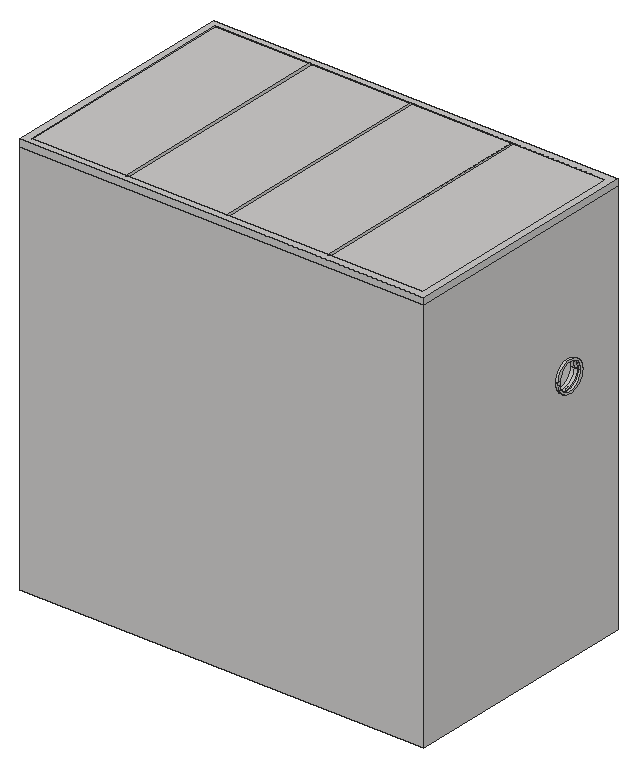
Revit family "Interceptor_Solids_Sediment-Zurn-Z1187", category Plumbing Fixtures, Revit 2022
Family settings
  Round Connector Dimension = Use Radius
  Part Type = Normal
  OmniClass Number = 23.45.30.00
  OmniClass Title = Washing and Waste Disposal Equipment
  Work Plane-Based = No
  Always vertical = Yes
  Cut with Voids When Loaded = No
  Maintain Annotation Orientation = No
  Shared = No
  Room Calculation Point = No
Parameters (values of type "Load Family Type Catalog")
  Width of Body = 36.000"
  Waste Connection = 1 = 1  # yes
  WFU = 1  # constant formula
  Vent Connection = 1 = 0  # no
  URL = "www.zurn.com"
  Type Comments = "Z1187-Size_300"
  Total Height of Body = 60.000"
  Product data url = "https://www.bimobject.com/en-in/zurnindustries/product/zurn-z1187"
  Product Page URL = "https://www.zurn.com/products/drainage-interceptors/interceptors/sediments-and-solids-interceptor/z1187"
  Product Installation Sheet URL = "https://files.zurn.com/care-cleaning-install-warranty-sheets/it23-(1).pdf"
  Product Documentation Link = "https://files.zurn.com/spec-sheets/z1187.pdf"
  Modified Date = "01/13/2026"  # constant formula
  Model = "Z1187"  # constant formula
  Manufacurer Brand = "Zurn"  # constant formula
  Manufacturer = "Zurn Water, LLC"  # constant formula
  Main Material = Fabricated Steel - Zurn- Acid Resistant Coated
  Height (From Base to Vents) = 48.000"
  Height (From Base to Inlet/Outlet) = 38.000"
  F_Length/4 (For A1_Vents)_1st & 4th Vents = [F_Length/4 (For A1_Vents)] / 2  # 7.500"
  F_Length/4 (For A1_Vents) = F_Length / 4  # 15.000"
  F_Length = 60.000"
  Volume (Cubic Ft.) = 43.00 CF
  A_Pipe Size (Nominal Radius) = [A_Pipe Size (Nominal Diameter)] / 2  # 2.000"
  A_Pipe Size (Nominal Diameter) = 4.000"
  A_Pipe Size (Outer Diameter) = 4.500"
  HWFU = 0  # constant formula
  HW Connection = 1 = 0  # no
  Description = "SAND AND SEDIMENT INTERCEPTOR"  # constant formula
  Default Elevation = 20.000"  # constant formula
  Date Created = "07/22/2020"  # constant formula
  CWFU = 0  # constant formula
  CW Connection = 1 = 0  # no
  Assembly Code = "D2090300"
  Approx Wt. (Lbs) = 1600.000"
  A_Pipe Size (Inner Diameter) = 4.026"
  A1_Vent Size (Outer Diameter) = 2.375"
  A1_Vent Size (Nominal Radius) = [A1_Vent Size (Nominal Diameter)] / 2  # 1.000"
  A1_Vent Size (Nominal Diameter) = 2.000"
  A1_Vent Size (Inner Diameter) = 2.067"
Reference planes (in)
  plane 1 "Center (Front/Back)": y = 0
  plane 2: z = 0
  plane 3 "Center (Left/Right)": x = 0
  plane 4 "OUTLET side": x = 30
  plane 5 "INLET side": x = -30
  plane 6 "Plane for Vents": y = 18
  plane 7: y = -18
  plane 8 "Top Plane": z = 60
  plane 9: z = 1
  plane 10: x = -30
  plane 11: x = 30
  plane 12: z = 59
  plane 13: x = 0
  plane 14: x = 15
  plane 15: z = 38
  plane 16: y = 8.5625
  plane 17: x = -29.5
  plane 18 "INLET START": x = -30.5
  plane 19: z = 38
  plane 20: y = 8.5625
  plane 21 "Center L/S": x = 30
  plane 22: x = 29.5
  plane 23 "OUTLET START": x = 30.5
  plane 24: x = -30
  plane 25: x = -30
  plane 26 "Center Plane for 4" Inlet/Outlet": z = 38
  plane 27: y = 8.5625
  plane 28: y = 10.8125
  plane 29: y = 6.3125
  plane 30: y = 10.8125
  plane 31: y = 6.3125
  plane 32: x = 30
  plane 33: z = 48
  plane 34: x = 22.5
  plane 35: x = 7.5
  plane 36: x = -7.5
  plane 37: x = -22.5
  plane 38 "Start plane for Vent": y = 19
  plane 39: y = 17
  plane 40 "Center Plane for Vents": z = 48
  plane 41: x = 22.5
  plane 42: x = 7.5
  plane 43: x = -7.5
  plane 44: x = -22.5
  plane 45: x = -23.6875
  plane 46: x = -21.3125
  plane 47: x = -8.6875
  plane 48: x = -6.3125
  plane 49: x = 6.3125
  plane 50: x = 8.6875
  plane 51: x = 21.3125
  plane 52: x = 23.6875
Forms (in)
  Extrusion 1, solid, material "Fabricated Steel - Zurn- Acid Resistant Coated" <- "Main Material", detail levels fine
    sketch origin (-68.70534, -175, 16.5) x (-1, 0, 0) y (0, -1, 0)
      loop
        line (-38.70534, -193) -> (-38.70534, -157) -> (-98.70534, -157) -> (-98.70534, -193) -> (-38.70534, -193)
    from -16.5 to 43.5
  Extrusion 2, void
    sketch origin (0, 0, 0) x (1, 0, 0) y (0, 1, 0)
      loop
        line (-29, 17) -> (-29, -17) -> (29, -17) -> (29, 17) -> (-29, 17)
    from 1 to 60
  Extrusion 3, solid, material "Fabricated Steel - Zurn- Acid Resistant Coated" <- "Main Material", detail levels fine
    sketch origin (0, 0, 60) x (-1, 0, 0) y (0, -1, 0)
      loop
        line (30, -18) -> (30, 18) -> (-30, 18) -> (-30, -18) -> (30, -18)
    from -1 to 0
  Extrusion 4, void
    sketch origin (0, 0, 60) x (-1, 0, 0) y (0, -1, 0)
      loop
        line (15, 17) -> (14.5, 17) -> (14.5, -17) -> (15, -17) -> (15, 17)
      loop
        line (0, 17) -> (-0.5, 17) -> (-0.5, -17) -> (0, -17) -> (0, 17)
      loop
        line (-15, -17) -> (-15, 17) -> (-15.5, 17) -> (-15.5, -17) -> (-15, -17)
    from 0 to -1
  Extrusion 5, solid, material "Fabricated Steel - Zurn- Acid Resistant Coated" <- "Main Material", detail levels fine
    sketch origin (-30, 0, 0) x (0, 1, 0) y (0, 0, 1)
      loop
        circle (8.5625, 38) r 2.25
      loop
        circle (8.5625, 38) r 2.013
    from -0.5 to 0.5
  Extrusion 6, solid, material "Fabricated Steel - Zurn- Acid Resistant Coated" <- "Main Material", detail levels fine
    sketch origin (30, 0, 0) x (0, 1, 0) y (0, 0, -1)
      loop
        circle (8.5625, -38) r 2.25
      loop
        circle (8.5625, -38) r 2.013
    from -0.5 to 0.5
  Extrusion 7, void
    sketch origin (-30, 0, 0) x (0, 1, 0) y (0, 0, 1)
      loop
        circle (8.5625, 38) r 2.013
    from -0.5 to 60.5
  Extrusion 8, solid, material "Fabricated Steel - Zurn- Acid Resistant Coated" <- "Main Material", detail levels fine
    sketch origin (0, 18, 0) x (-1, 0, 0) y (0, 0, 1)
      loop
        circle (-22.5, 48) r 1.1875
      loop
        circle (-22.5, 48) r 1.0335
      loop
        circle (-7.5, 48) r 1.1875
      loop
        circle (-7.5, 48) r 1.0335
      loop
        circle (7.5, 48) r 1.1875
      loop
        circle (7.5, 48) r 1.0335
      loop
        circle (22.5, 48) r 1.1875
      loop
        circle (22.5, 48) r 1.0335
    from -1 to 1
  Extrusion 9, void
    sketch origin (0, 18, 0) x (-1, 0, 0) y (0, 0, 1)
      loop
        circle (-22.5, 48) r 1.0335
      loop
        circle (-7.5, 48) r 1.0335
      loop
        circle (7.5, 48) r 1.0335
      loop
        circle (22.5, 48) r 1.0335
    from -1 to 1
Cuts and joins
  Extrusion 2, Extrusion 7, Extrusion 9 cuts Extrusion 1
  Extrusion 4 cuts Extrusion 3
  Extrusion 9 cuts Extrusion 8
Lines and regions (in)
  Masking region 1, detail levels fine
    outline origin (0, 0, 60) x (-1, 0, 0) y (0, -1, 0)
      loop
        line (30, 18) -> (-30, 18) -> (-30, -6.3125) -> (-30.5, -6.3125) -> (-30.5, -10.8125) -> (-30, -10.8125) -> (-30, -18) -> (-23.6875, -18) -> (-23.6875, -19) -> (-21.3125, -19) -> (-21.3125, -18) -> (-8.6875, -18) -> (-8.6875, -19) -> (-6.3125, -19) -> (-6.3125, -18) -> (6.3125, -18) -> (6.3125, -19) -> (8.6875, -19) -> (8.6875, -18) -> (21.3125, -18) -> (21.3125, -19) -> (23.6875, -19) -> (23.6875, -18) -> (30, -18) -> (30, -10.8125) -> (30.5, -10.8125) -> (30.5, -6.3125) -> (30, -6.3125) -> (30, 18)
  model lines, detail levels coarse+medium
    curve 1: line (30, 18, 60) -> (-30, 18, 60)
    curve 2: line (30, -18, 60) -> (30, 18, 60)
    curve 3: line (-30, -18, 60) -> (30, -18, 60)
    curve 4: line (-30, 18, 60) -> (-30, -18, 60)
    curve 5: line (-30.5, 0, 38) -> (-30, 0, 38)
    curve 6: line (-30.5, 10.8125, 38) -> (-30.5, 6.3125, 38)
    curve 7: line (-30.5, 8.5625, 40.25) -> (-30.5, 8.5625, 35.75)
    curve 8: line (30.5, 6.3125, 38) -> (30.5, 10.8125, 38)
    curve 9: line (30.5, 8.5625, 40.25) -> (30.5, 8.5625, 35.75)
    curve 10: line (-30, 0, 60) -> (-30, 0, 0)
    curve 11: line (-30, 0, 0) -> (30, 0, 0)
    curve 12: line (30, 0, 0) -> (30, 0, 60)
    curve 13: line (30, 0, 38) -> (30.5, 0, 38)
    curve 14: line (-30, 0, 60) -> (30, 0, 60)
    curve 15: line (23.6875, 19, 48) -> (21.3125, 19, 48)
    curve 16: line (22.5, 19, 46.8125) -> (22.5, 19, 49.1875)
    curve 17: line (8.6875, 19, 48) -> (6.3125, 19, 48)
    curve 18: line (7.5, 19, 49.1875) -> (7.5, 19, 46.8125)
    curve 19: line (-6.3125, 19, 48) -> (-8.6875, 19, 48)
    curve 20: line (-7.5, 19, 46.8125) -> (-7.5, 19, 49.1875)
    curve 21: line (-21.3125, 19, 48) -> (-23.6875, 19, 48)
    curve 22: line (-22.5, 19, 46.8125) -> (-22.5, 19, 49.1875)
    curve 23: line (-22.5, 19, 48) -> (-22.5, 18, 48)
    curve 24: line (-7.5, 19, 48) -> (-7.5, 18, 48)
    curve 27: line (-30.5, 8.5625, 38) -> (30.5, 8.5625, 38)
    curve 28: line (-22.5, 19, 48) -> (-22.5, 0, 48)
    curve 29: line (-7.5, 19, 48) -> (-7.5, 0, 48)
    curve 30: line (7.5, 19, 48) -> (7.5, 0, 48)
    curve 31: line (22.5, 19, 48) -> (22.5, 0, 48)
  model lines
    curve 25: line (7.5, 19, 48) -> (7.5, 18, 48)
    curve 26: line (22.5, 19, 48) -> (22.5, 18, 48)
Dimensions and locks (in)
  equal spacing: plane 5 "INLET side", plane 3 "Center (Left/Right)", plane 4 "OUTLET side"
  "F_Length": plane 5 "INLET side" to plane 4 "OUTLET side"
  equal spacing: plane 6 "Plane for Vents", plane 1 "Center (Front/Back)", plane 7
  "Width of Body": plane 6 "Plane for Vents" to plane 7
  "Total Height of Body": plane 8 "Top Plane" to level
  locked: Extrusion 2 sketch curve to Extrusion 1 at 1
  locked: Extrusion 2 sketch curve to plane 6 "Plane for Vents" at 1
  locked: Extrusion 2 sketch curve to plane 7 at 1
  locked: Extrusion 1 to Extrusion 2 sketch curve at 1
  locked: plane 9 to plane 2 at 1
  cut or joined group of Extrusion 1, Extrusion 2, Extrusion 7, Extrusion 9 to cut or joined group of Extrusion 1, Extrusion 2, Extrusion 7, Extrusion 9 = 60.000"
  equal spacing: plane 10, plane 3 "Center (Left/Right)", plane 11
  "F_Length": plane 10 to plane 11
  locked: plane 8 "Top Plane" to plane 12 at 1
  plane 10 to plane 13 to plane 14 to plane 11 = 30.000", 15.000", 15.000"
  equal spacing: Extrusion 3, Extrusion 4 sketch curve, Extrusion 4 sketch curve, Extrusion 4 sketch curve, Extrusion 3
  locked: Extrusion 4 sketch curve to Extrusion 4 sketch curve at 0.5  (x3)
  "Height (From Base to Inlet/Outlet)": plane 15 to level
  locked: plane 6 "Plane for Vents" to plane 16 at 9.4375
  plane 17 to plane 5 "INLET side" to plane 18 "INLET START" = 0.500" locked, 0.500" locked
  plane 22 to plane 21 "Center L/S" to plane 23 "OUTLET START" = 0.500" locked, 0.500" locked
  "F_Length": plane 21 "Center L/S" to plane 5 "INLET side"
  "Height (From Base to Inlet/Outlet)": curve 5 to cut or joined group of Extrusion 1, Extrusion 2, Extrusion 7, Extrusion 9
  locked: plane 6 "Plane for Vents" to plane 27 at 9.4375
  equal spacing: plane 21 "Center L/S", plane 3 "Center (Left/Right)", plane 25
  "Height (From Base to Vents)": level to plane 33
  "F_Length/4 (For A1_Vents)_1st & 4th Vents": plane 34 to plane 32
  "F_Length/4 (For A1_Vents)": plane 35 to plane 34
  "F_Length/4 (For A1_Vents)": plane 36 to plane 35
  "F_Length/4 (For A1_Vents)": plane 37 to plane 36
  "F_Length/4 (For A1_Vents)_1st & 4th Vents": plane 25 to plane 37
  locked: plane 38 "Start plane for Vent" to plane 6 "Plane for Vents" at 1
  locked: plane 6 "Plane for Vents" to plane 39 at 1
  "Height (From Base to Vents)": level to plane 40 "Center Plane for Vents"
  "F_Length/4 (For A1_Vents)_1st & 4th Vents": plane 41 to plane 32
  "F_Length/4 (For A1_Vents)": plane 42 to plane 41
  "F_Length/4 (For A1_Vents)": plane 43 to plane 42
  "F_Length/4 (For A1_Vents)": plane 44 to plane 43
  plane 25 to plane 44 = 7.500"
  locked: plane 45 to plane 46 at 2.375
  locked: plane 47 to plane 48 at 2.375
  locked: plane 49 to plane 50 at 2.375
  locked: plane 51 to plane 52 at 2.375
  equal spacing: plane 45, plane 44, plane 46
  equal spacing: plane 47, plane 43, plane 48
  equal spacing: plane 49, plane 42, plane 50
  equal spacing: plane 51, plane 41, plane 52
  "A_Pipe Size (Outer Diameter)": diameter of Extrusion 5 sketch curve
  "A_Pipe Size (Inner Diameter)": diameter of Extrusion 5 sketch curve
  "A_Pipe Size (Outer Diameter)": diameter of Extrusion 6 sketch curve
  "A_Pipe Size (Inner Diameter)": diameter of Extrusion 6 sketch curve
  "A1_Vent Size (Outer Diameter)": diameter of Extrusion 8 sketch curve  (x4)
  "A1_Vent Size (Inner Diameter)": diameter of Extrusion 8 sketch curve  (x4)
  aligned and locked: plane 2 to level
  aligned and locked: Extrusion 1 to level
  aligned and locked: Extrusion 1 to plane 5 "INLET side"
  aligned and locked: Extrusion 1 to plane 4 "OUTLET side"
  aligned and locked: plane 6 "Plane for Vents" to Extrusion 1
  aligned and locked: Extrusion 1 to plane 7
  aligned and locked: plane 8 "Top Plane" to Extrusion 1
  aligned and locked: Extrusion 2 to plane 9
  aligned and locked: Extrusion 1 to Extrusion 2
  aligned and locked: Extrusion 3 sketch curve to cut or joined group of Extrusion 1, Extrusion 2, Extrusion 7, Extrusion 9  (x4)
  aligned and locked: plane 8 "Top Plane" to Extrusion 3
  aligned and locked: plane 12 to Extrusion 3
  aligned and locked: Extrusion 4 sketch curve to cut or joined group of Extrusion 1, Extrusion 2, Extrusion 7, Extrusion 9  (x6)
  aligned and locked: plane 15 to Extrusion 5 sketch curve  (x2)
  aligned and locked: plane 16 to Extrusion 5 sketch curve  (x2)
  aligned and locked: plane 17 to Extrusion 5
  aligned and locked: Extrusion 5 to plane 18 "INLET START"
  aligned and locked: Extrusion 6 sketch curve to plane 19  (x2)
  aligned and locked: plane 20 to Extrusion 6 sketch curve  (x2)
  aligned and locked: Extrusion 6 to plane 23 "OUTLET START"
  aligned and locked: plane 22 to Extrusion 6
  aligned and locked: Extrusion 7 sketch curve to Extrusion 5  (x2)
  aligned and locked: Extrusion 5 to Extrusion 7
  aligned and locked: Extrusion 6 to Extrusion 7
  aligned and locked: curve 2 to cut or joined group of Extrusion 3, Extrusion 4
  aligned and locked: curve 3 to cut or joined group of Extrusion 3, Extrusion 4
  aligned and locked: curve 4 to cut or joined group of Extrusion 3, Extrusion 4
  aligned and locked: plane 18 "INLET START" to curve 5
  aligned and locked: curve 6 to plane 26 "Center Plane for 4" Inlet/Outlet"
  aligned and locked: curve 7 to plane 27
  aligned and locked: curve 8 to plane 26 "Center Plane for 4" Inlet/Outlet"
  aligned and locked: plane 27 to curve 9
  aligned and locked: curve 11 to cut or joined group of Extrusion 1, Extrusion 2, Extrusion 7, Extrusion 9
  aligned and locked: curve 10 to plane 24
  aligned and locked: plane 25 to plane 24
  aligned and locked: curve 12 to plane 21 "Center L/S"
  aligned and locked: plane 21 "Center L/S" to curve 13
  aligned and locked: plane 23 "OUTLET START" to curve 13
  aligned and locked: curve 13 to plane 26 "Center Plane for 4" Inlet/Outlet"
  aligned and locked: Masking region 1 sketch curve to cut or joined group of Extrusion 3, Extrusion 4  (x5)
  aligned and locked: plane 18 "INLET START" to Masking region 1 sketch curve
  aligned and locked: cut or joined group of Extrusion 3, Extrusion 4 to Masking region 1 sketch curve  (x7)
  aligned and locked: plane 28 to curve 6
  aligned and locked: plane 29 to curve 6
  aligned and locked: Masking region 1 sketch curve to plane 28
  aligned and locked: Masking region 1 sketch curve to plane 18 "INLET START"
  aligned and locked: plane 28 to Masking region 1 sketch curve
  aligned and locked: plane 29 to Masking region 1 sketch curve  (x2)
  aligned and locked: plane 30 to curve 8
  aligned and locked: plane 31 to curve 8
  aligned and locked: Masking region 1 sketch curve to plane 30
  aligned and locked: plane 30 to Masking region 1 sketch curve
  aligned and locked: plane 31 to Masking region 1 sketch curve  (x2)
  aligned and locked: plane 23 "OUTLET START" to Masking region 1 sketch curve  (x2)
  aligned and locked: plane 7 to Masking region 1 sketch curve
  aligned and locked: plane 25 to curve 14
  aligned and locked: plane 32 to cut or joined group of Extrusion 3, Extrusion 4
  aligned and locked: plane 32 to curve 14
  aligned and locked: plane 1 "Center (Front/Back)" to curve 14
  aligned and locked: plane 33 to Extrusion 8 sketch curve  (x8)
  aligned and locked: plane 34 to Extrusion 8 sketch curve  (x2)
  aligned and locked: plane 35 to Extrusion 8 sketch curve  (x2)
  aligned and locked: plane 36 to Extrusion 8 sketch curve  (x2)
  aligned and locked: plane 37 to Extrusion 8 sketch curve  (x2)
  aligned and locked: Extrusion 8 to cut or joined group of Extrusion 1, Extrusion 2, Extrusion 7, Extrusion 9
  aligned and locked: plane 38 "Start plane for Vent" to Extrusion 8
  aligned and locked: Extrusion 9 sketch curve to Extrusion 8  (x8)
  aligned and locked: Extrusion 9 to Extrusion 2
  aligned and locked: plane 38 "Start plane for Vent" to Extrusion 9
  aligned and locked: curve 15 to plane 40 "Center Plane for Vents"
  aligned and locked: plane 41 to curve 16
  aligned and locked: curve 17 to plane 40 "Center Plane for Vents"
  aligned and locked: curve 18 to plane 42
  aligned and locked: curve 19 to plane 40 "Center Plane for Vents"
  aligned and locked: plane 43 to curve 20
  aligned and locked: curve 21 to plane 40 "Center Plane for Vents"
  aligned and locked: plane 44 to curve 22
  aligned and locked: plane 46 to curve 21
  aligned and locked: plane 45 to curve 21
  aligned and locked: plane 47 to curve 19
  aligned and locked: plane 48 to curve 19
  aligned and locked: plane 49 to curve 17
  aligned and locked: plane 50 to curve 17
  aligned and locked: plane 51 to curve 15
  aligned and locked: plane 52 to curve 15
  aligned and locked: plane 25 to Masking region 1 sketch curve
  aligned and locked: plane 45 to Masking region 1 sketch curve  (x2)
  aligned and locked: Masking region 1 sketch curve to plane 6 "Plane for Vents"
  aligned and locked: plane 6 "Plane for Vents" to Masking region 1 sketch curve
  aligned and locked: plane 46 to Masking region 1 sketch curve  (x2)
  aligned and locked: Masking region 1 sketch curve to plane 38 "Start plane for Vent"  (x4)
  aligned and locked: plane 38 "Start plane for Vent" to Masking region 1 sketch curve  (x4)
  aligned and locked: plane 47 to Masking region 1 sketch curve  (x2)
  aligned and locked: plane 48 to Masking region 1 sketch curve  (x2)
  aligned and locked: plane 49 to Masking region 1 sketch curve  (x2)
  aligned and locked: plane 50 to Masking region 1 sketch curve  (x2)
  aligned and locked: plane 51 to Masking region 1 sketch curve  (x2)
  aligned and locked: plane 52 to Masking region 1 sketch curve  (x2)
  aligned and locked: plane 32 to Masking region 1 sketch curve
  aligned and locked: plane 38 "Start plane for Vent" to curve 23
  aligned and locked: plane 6 "Plane for Vents" to curve 23
  aligned and locked: plane 44 to curve 23
  aligned and locked: plane 38 "Start plane for Vent" to curve 24
  aligned and locked: plane 6 "Plane for Vents" to curve 24
  aligned and locked: plane 43 to curve 24
  aligned and locked: plane 38 "Start plane for Vent" to curve 25
  aligned and locked: plane 42 to curve 25
  aligned and locked: plane 38 "Start plane for Vent" to curve 26
  aligned and locked: plane 41 to curve 26
  aligned and locked: plane 18 "INLET START" to curve 27
  aligned and locked: plane 23 "OUTLET START" to curve 27
  aligned and locked: plane 27 to curve 27
  aligned and locked: plane 38 "Start plane for Vent" to curve 28
  aligned and locked: plane 44 to curve 28
  aligned and locked: plane 38 "Start plane for Vent" to curve 29
  aligned and locked: plane 43 to curve 29
  aligned and locked: plane 38 "Start plane for Vent" to curve 30
  aligned and locked: plane 42 to curve 30
  aligned and locked: plane 38 "Start plane for Vent" to curve 31
  aligned and locked: plane 1 "Center (Front/Back)" to curve 31
  aligned and locked: plane 41 to curve 31
Automatic sketch dimensions
  curve 10 to plane 8 "Top Plane" = 0.000"
  curve 12 to plane 8 "Top Plane" = 0.000"
  Extrusion 1 sketch curve to plane 4 "OUTLET side" = 0.000"
  Extrusion 1 sketch curve to plane 5 "INLET side" = 0.000"
  Extrusion 1 sketch curve to plane 6 "Plane for Vents" = 0.000"
  Extrusion 1 sketch curve to plane 7 = 0.000"
  Extrusion 7 sketch curve to plane 26 "Center Plane for 4" Inlet/Outlet" = 0.000"  (x2)
  curve 7 to plane 26 "Center Plane for 4" Inlet/Outlet" = 2.250"
  plane 26 "Center Plane for 4" Inlet/Outlet" to curve 7 = 2.250"
  curve 6 to plane 27 = 2.250"
  plane 27 to curve 6 = 2.250"
  plane 26 "Center Plane for 4" Inlet/Outlet" to curve 9 = 2.250"
  curve 9 to plane 26 "Center Plane for 4" Inlet/Outlet" = 2.250"
  plane 27 to curve 8 = 2.250"
  curve 8 to plane 27 = 2.250"
  Extrusion 9 sketch curve to Extrusion 9 sketch curve = 0.000"  (x8)
  curve 15 to plane 41 = 1.1875"
  plane 41 to curve 15 = 1.1875"
  curve 17 to plane 42 = 1.1875"
  plane 42 to curve 17 = 1.1875"
  curve 19 to plane 43 = 1.1875"
  plane 43 to curve 19 = 1.1875"
  curve 21 to plane 44 = 1.1875"
  plane 44 to curve 21 = 1.1875"
  curve 20 to plane 40 "Center Plane for Vents" = 1.1875"
  curve 22 to plane 40 "Center Plane for Vents" = 1.1875"
  curve 16 to plane 40 "Center Plane for Vents" = 1.1875"
  curve 18 to plane 40 "Center Plane for Vents" = 1.1875"
  plane 40 "Center Plane for Vents" to curve 18 = 1.1875"
  plane 40 "Center Plane for Vents" to curve 16 = 1.1875"
  plane 40 "Center Plane for Vents" to curve 22 = 1.1875"
  plane 40 "Center Plane for Vents" to curve 20 = 1.1875"
  curve 25 to plane 6 "Plane for Vents" = 0.000"
  curve 26 to plane 6 "Plane for Vents" = 0.000"
  curve 1 to plane 6 "Plane for Vents" = 0.000"
  plane 1 "Center (Front/Back)" to curve 28 = 0.000"
  plane 1 "Center (Front/Back)" to curve 29 = 0.000"
  plane 1 "Center (Front/Back)" to curve 30 = 0.000"
Connectors (in)
  piping at (-30.5, 8.5625, 38), diameter 4, driven by "A_Pipe Size (Nominal Radius)", driven by "Waste Connection"
    settings: on Extrusion 5, index 1, connector inside diameter 24", connector length 0.000", flow factor 0, pipe flow 0 GPM, pressure drop 0.00 psi, fitting loss kfactor 0, connector angle 0.00°, fixture units 0, engagement length 0.000", angle of deflection 0.00°, flow configuration 0, flow direction 1, fitting loss method 0, system type 16, joint type 0, gender type 0, connector reference index -1, connector utility 1, adjustable connector no, is connector primary yes, connector description "Sanitary In"
  piping at (30.5, 8.5625, 38), diameter 4, driven by "A_Pipe Size (Nominal Radius)", driven by "Waste Connection"
    settings: on Extrusion 6, index 2, connector inside diameter 24", connector length 0.000", flow factor 0, pipe flow 0 GPM, pressure drop 0.00 psi, fitting loss kfactor 0, connector angle 0.00°, fixture units 0, engagement length 0.000", angle of deflection 0.00°, flow configuration 0, flow direction 2, fitting loss method 0, system type 16, joint type 0, gender type 0, connector reference index -1, connector utility 1, adjustable connector no, is connector primary no, connector description "Sanitary Out"
  piping at (22.5, 19, 48), diameter 2, driven by "A1_Vent Size (Nominal Radius)", driven by "Vent Connection"
    settings: on cut or joined group of Extrusion 8, Extrusion 9, index 3, connector inside diameter 24", connector length 0.000", flow factor 0, pipe flow 0 GPM, pressure drop 0.00 psi, fitting loss kfactor 0, connector angle 0.00°, fixture units 0, engagement length 0.000", angle of deflection 0.00°, flow configuration 0, flow direction 1, fitting loss method 0, system type 17, joint type 0, gender type 0, connector reference index -1, connector utility 0, adjustable connector no, is connector primary no, connector description "Vent"
  piping at (7.5, 19, 48), diameter 2, driven by "A1_Vent Size (Nominal Radius)", driven by "Vent Connection"
    settings: on cut or joined group of Extrusion 8, Extrusion 9, index 4, connector inside diameter 24", connector length 0.000", flow factor 0, pipe flow 0 GPM, pressure drop 0.00 psi, fitting loss kfactor 0, connector angle 0.00°, fixture units 0, engagement length 0.000", angle of deflection 0.00°, flow configuration 0, flow direction 1, fitting loss method 0, system type 17, joint type 0, gender type 0, connector reference index -1, connector utility 0, adjustable connector no, is connector primary no, connector description "Vent"
  piping at (-7.5, 19, 48), diameter 2, driven by "A1_Vent Size (Nominal Radius)", driven by "Vent Connection"
    settings: on cut or joined group of Extrusion 8, Extrusion 9, index 5, connector inside diameter 24", connector length 0.000", flow factor 0, pipe flow 0 GPM, pressure drop 0.00 psi, fitting loss kfactor 0, connector angle 0.00°, fixture units 0, engagement length 0.000", angle of deflection 0.00°, flow configuration 0, flow direction 1, fitting loss method 0, system type 17, joint type 0, gender type 0, connector reference index -1, connector utility 0, adjustable connector no, is connector primary no, connector description "Vent"
  piping at (-22.5, 19, 48), diameter 2, driven by "A1_Vent Size (Nominal Radius)", driven by "Vent Connection"
    settings: on cut or joined group of Extrusion 8, Extrusion 9, index 6, connector inside diameter 24", connector length 0.000", flow factor 0, pipe flow 0 GPM, pressure drop 0.00 psi, fitting loss kfactor 0, connector angle 0.00°, fixture units 0, engagement length 0.000", angle of deflection 0.00°, flow configuration 0, flow direction 1, fitting loss method 0, system type 17, joint type 0, gender type 0, connector reference index -1, connector utility 0, adjustable connector no, is connector primary no, connector description "Vent"
Types in the file's own list only (7): name | Width of Body | Type Comments | Total Height of Body | Height (From Base to Vents) | Height (From Base to Inlet/Outlet) | F_Length/4 (For A1_Vents)_1st & 4th Vents | F_Length/4 (For A1_Vents) | F_Length | Volume (Cubic Ft.) | A_Pipe Size (Nominal Radius) | A_Pipe Size (Nominal Diameter) | A_Pipe Size (Outer Diameter) | Default Elevation | Approx Wt. (Lbs) | A_Pipe Size (Inner Diameter) | A1_Vent Size (Outer Diameter) | A1_Vent Size (Nominal Radius) | A1_Vent Size (Nominal Diameter) | A1_Vent Size (Inner Diameter)
  Z1187-Size_300 | 36.000 " | "Z1187-Size_300" | 60.000 " | 48.000 " | 38.000 " | 7.500 " | 15.000 " | 60.000 " | 43.00 CF | 2.000 " | 4.000 " | 4.500 " | 20.000 " | 1600.000 " | 4.026 " | 2.375 " | 1.000 " | 2.000 " | 2.067 "
  Z1187-Size_400 | 36.000 " | "Z1187-Size_400" | 60.000 " | 48.000 " | 38.000 " | 9.000 " | 18.000 " | 72.000 " | 54.00 CF | 2.000 " | 4.000 " | 4.500 " | 20.000 " | 1750.000 " | 4.026 " | 2.375 " | 1.000 " | 2.000 " | 2.067 "
  Z1187-Size_500 | 36.000 " | "Z1187-Size_500" | 60.000 " | 48.000 " | 38.000 " | 12.000 " | 24.000 " | 96.000 " | 72.00 CF | 2.000 " | 4.000 " | 4.500 " | 20.000 " | 2100.000 " | 4.026 " | 2.375 " | 1.000 " | 2.000 " | 2.067 "
  Z1187-Size_600 | 36.000 " | "Z1187-Size_600" | 60.000 " | 48.000 " | 38.000 " | 13.500 " | 27.000 " | 108.000 " | 81.00 CF | 2.000 " | 4.000 " | 4.500 " | 20.000 " | 2500.000 " | 4.026 " | 2.375 " | 1.000 " | 2.000 " | 2.067 "
  Z1187-Size_700 | 36.000 " | "Z1187-Size_700" | 60.000 " | 48.000 " | 38.000 " | 15.000 " | 30.000 " | 120.000 " | 90.00 CF | 2.000 " | 4.000 " | 4.500 " | 20.000 " | 2700.000 " | 4.026 " | 2.375 " | 1.000 " | 2.000 " | 2.067 "
  Z1187-Size_800 | 36.000 " | "Z1187-Size_800" | 60.000 " | 48.000 " | 38.000 " | 18.000 " | 36.000 " | 144.000 " | 108.00 CF | 2.000 " | 4.000 " | 4.500 " | 20.000 " | 3000.000 " | 4.026 " | 2.375 " | 1.000 " | 2.000 " | 2.067 "
  Z1187-Size_1000 | 36.000 " | "Z1187-Size_1000" | 60.000 " | 48.000 " | 38.000 " | 22.500 " | 45.000 " | 180.000 " | 135.00 CF | 2.000 " | 4.000 " | 4.500 " | 20.000 " | 3640.000 " | 4.026 " | 2.375 " | 1.000 " | 2.000 " | 2.067 "
